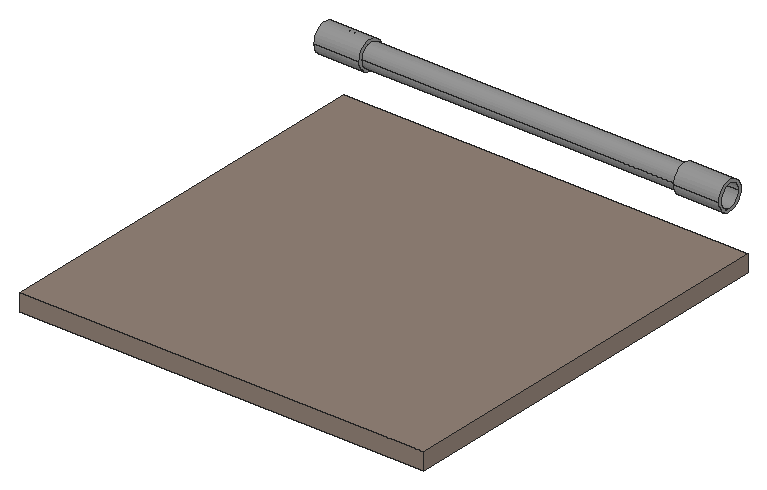
Revit family "Cambio Wall Systems - Lighting - Light Bar 18x18", category Generic Models, host Face, Revit 2023
Family settings
  Host = Face
  Can host rebar = No
  Round Connector Dimension = Use Diameter
  Part Type = Normal
  Cut with Voids When Loaded = No
  Maintain Annotation Orientation = No
  Shared = No
  Room Calculation Point = No
Parameters (values of type "Panel Color - WOOD WALNUT")
  Default Elevation = 4' - 0"
  Cambio Material = Cambio Lighting - Light Bar - Wood Walnut
Types (8): name | Cambio Material
  Panel Color - COBALT | Cambio Lighting - Light Bar - Cobalt
  Panel Color - JET | Cambio Lighting - Light Bar - Jet
  Panel Color - LIGHT GREY | Cambio Lighting - Light Bar - Light Grey
  Panel Color - LIME | Cambio Lighting - Light Bar - Lime
  Panel Color - ORANGE | Cambio Lighting - Light Bar - Orange
  Panel Color - PEWTER | Cambio Lighting - Light Bar - Pewter
  Panel Color - WOOD WALNUT | Cambio Lighting - Light Bar - Wood Walnut
  Panel Color - WOOD OAK | Cambio Lighting - Light Bar - Wood Oak
Reference planes (in)
  plane 1 "Center (Front/Back)": y = 0
  plane 2: z = 0
  plane 3 "Center (Left/Right)": x = 0
  plane 4: y = 8
Forms (in)
  Extrusion 1, solid, material "Cambio Lighting - Light Bar - Wood Walnut" <- "Cambio Material"
    sketch origin (0, 0, 0) x (1, 0, 0) y (0, 1, 0)
      loop
        line (-9, 9) -> (-9, -9) -> (9, -9) -> (9, 9) -> (-9, 9)
    from 0 to 0.75
  Extrusion 2, solid, material "Cambio Lighting - Metal Light Bar"
    sketch origin (-9, 9.98307, 0) x (0, 1, 0) y (0, 0, -1)
      loop
        circle (-1.98307, -3.5) r 0.5
    from -16 to -2
  Extrusion 3, solid, material "Cambio Lighting - Metal Light Bar"
    sketch origin (-9, 9.98307, 0) x (0, 1, 0) y (0, 0, -1)
      loop
        circle (-1.98307, -3.5) r 0.5
      loop
        circle (-1.98307, -3.5) r 0.625
    from -2 to 0
  Extrusion 4, solid, material "Cambio Lighting - Metal Light Bar"
    sketch origin (-9, 9.98307, 0) x (0, 1, 0) y (0, 0, -1)
      loop
        circle (-1.98307, -3.5) r 0.5
      loop
        circle (-1.98307, -3.5) r 0.625
    from -18 to -16
  Extrusion 5, solid, material "Cambio Lighting - Metal Light Bar", not visible
    sketch origin (-9, 9.98307, 0) x (0, 1, 0) y (0, 0, -1)
      loop
        circle (-1.98307, -3.5) r 0.5
    from -16 to -2
  Extrusion 6, solid, material "Cambio Lighting - Metal Light Bar", not visible
    sketch origin (-9, 9.98307, 0) x (0, 1, 0) y (0, 0, -1)
      loop
        circle (-1.98307, -3.5) r 0.5
      loop
        circle (-1.98307, -3.5) r 0.625
    from -2 to 0
  Extrusion 7, solid, material "Cambio Lighting - Metal Light Bar", not visible
    sketch origin (-9, 9.98307, 0) x (0, 1, 0) y (0, 0, -1)
      loop
        circle (-1.98307, -3.5) r 0.5
      loop
        circle (-1.98307, -3.5) r 0.625
    from -18 to -16
Dimensions and locks (in)
  Extrusion 1 sketch curve to plane 3 "Center (Left/Right)" to Extrusion 1 sketch curve = 0' - 9", 0' - 9"
  Extrusion 1 sketch curve to plane 1 "Center (Front/Back)" to Extrusion 1 sketch curve = 0' - 9" locked, 0' - 9" locked
  Extrusion 1 to plane 4 = 0' - 1"
  aligned and locked: plane 2 to host face
  aligned and locked: level to host face
  aligned and locked: Extrusion 3 to Extrusion 1
  aligned and locked: Extrusion 2 to Extrusion 3
  aligned and locked: Extrusion 1 to Extrusion 4
  aligned and locked: Extrusion 2 to Extrusion 4
